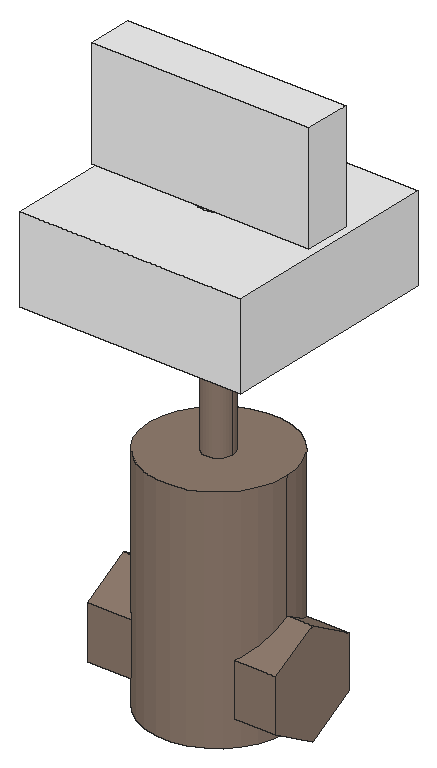
Revit family "Deca_Acabamento para Registro de Gaveta Dream_4900.C87.PQ", category Plumbing Fixtures, host Face, Revit 2012
Parameters (values of type "Base Fácil PVC 25mm (4509.202.PVC)")
  Vendido Separadamente = ""
  Variações de COR = "Cromado 1/2, 3/4 e 1 (4900.C87.PQ); Preto Fosco 1/2, 3/4 e 1 (4900.F87.PQ.PTO)"  # constant formula
  URL = "www.deca.com.br/produtos"
  Symbol [instance] = no
  Segmento = "Luxo"  # constant formula
  Raio Ponto de Agua = 12.5 mm
  Produto = "Acabamento para registro de gaveta"  # constant formula
  Pressão = "2 A 40 mca"  # constant formula
  Peso Liquido (Kg) = 0.47
  Norma = "ABNT NBR 10283: 2008"  # constant formula
  Model = Código  # "4900.C87.PQ"
  Material = "Deca_Latão Cromado e Plástico de Engenharia"  # constant formula
  Manufacturer = "Deca"  # constant formula
  Louça/Metais = "Metal"  # constant formula
  Linha = "Dream"  # constant formula
  Informações Complementares = ""
  Flow Pressure = 0.00 psi
  Diâmetro Ponto de Agua = Raio Ponto de Agua * 2  # 25 mm
  Description = "Acabamento para registro"  # constant formula
  Default Elevation = 0 mm
  Código = "4900.C87.PQ"
  Criado por = "Contino/quattroD"  # constant formula
  Consumo = "Varia com a pressão"  # constant formula
  CWFU = 0
  Base de Registro de Gaveta - Family = Deca_Shared_Base de Registro de Gaveta_4900.C87.PQ : 4509.302 - DN 25 (1")
  Base de Registro de Gaveta [instance] = yes
  Atendimento ao Cliente = "0800-0117073"  # constant formula
  Assembly Code = "D2020"
  Aprovado por = "Contino/quattroD"  # constant formula
  Acompanha o Produto = ""
  Acabamento de Registro [instance] = yes
  Acabamento = Deca CR10 Cromado Metal
Types (14, lengths in mm): name | Raio Ponto de Agua | Model | Diâmetro Ponto de Agua | Código | Base de Registro de Gaveta - Family | Acabamento
  (no name) | 12.5 | "4900.C87.PQ" | 25 | "4900.C87.PQ" | Deca_Shared_Base de Registro de Gaveta_4900.C87.PQ : 4509.302 - DN 25 (1") | Deca CR10 Cromado Metal
  4900.C87.PQ_Cromado CR10_1" | 12.5 | "4900.C87.PQ" | 25 | "4900.C87.PQ" | Deca_Shared_Base de Registro de Gaveta_4900.C87.PQ : 4509.302 - DN 25 (1") | Deca CR10 Cromado Metal
  4900.F87.PQ.PTO_Preto Fosco PR15_1" | 12.5 | "4900.F87.PQ.PTO" | 25 | "4900.F87.PQ.PTO" | Deca_Shared_Base de Registro de Gaveta_4900.C87.PQ : 4509.302 - DN 25 (1") | Deca PR15 Preto Fosco Metal
  4900.C87.PQ_Cromado CR10_1/2" | 7.5 | "4900.C87.PQ" | 15 | "4900.C87.PQ" | Deca_Shared_Base de Registro de Gaveta_4900.C87.PQ : 4509.102 - DN 15 (1/2") | Deca CR10 Cromado Metal
  4900.C87.PQ_Cromado CR10_3/4" | 10 | "4900.C87.PQ" | 20 | "4900.C87.PQ" | Deca_Shared_Base de Registro de Gaveta_4900.C87.PQ : 4509.202 - DN 20 (3/4") | Deca CR10 Cromado Metal
  4900.F87.PQ.PTO_Preto Fosco PR15_1/2" | 7.5 | "4900.F87.PQ.PTO" | 15 | "4900.F87.PQ.PTO" | Deca_Shared_Base de Registro de Gaveta_4900.C87.PQ : 4509.102 - DN 15 (1/2") | Deca PR15 Preto Fosco Metal
  4900.F87.PQ.PTO_Preto Fosco PR15_3/4" | 10 | "4900.F87.PQ.PTO" | 20 | "4900.F87.PQ.PTO" | Deca_Shared_Base de Registro de Gaveta_4900.C87.PQ : 4509.202 - DN 20 (3/4") | Deca PR15 Preto Fosco Metal
  Base Fácil PVC 20mm (4509.102.PVC) | 10 | "4900.C87.PQ" | 20 | "4900.C87.PQ" | Deca_Shared_Base de Registro de Gaveta_4900.C87.PQ : 4509.302 - DN 25 (1") | Deca CR10 Cromado Metal
  Base Fácil PVC 25mm (4509.202.PVC) | 12.5 | "4900.C87.PQ" | 25 | "4900.C87.PQ" | Deca_Shared_Base de Registro de Gaveta_4900.C87.PQ : 4509.302 - DN 25 (1") | Deca CR10 Cromado Metal
  Base Fácil PPR 20mm (4509.102.PPR) | 10 | "4900.C87.PQ" | 20 | "4900.C87.PQ" | Deca_Shared_Base de Registro de Gaveta_4900.C87.PQ : 4509.302 - DN 25 (1") | Deca CR10 Cromado Metal
  Base Fácil PPR 25mm (4509.202.PPR) | 12.5 | "4900.C87.PQ" | 25 | "4900.C87.PQ" | Deca_Shared_Base de Registro de Gaveta_4900.C87.PQ : 4509.302 - DN 25 (1") | Deca CR10 Cromado Metal
  Base Fácil CPVC 15mm (4509.102.CPVC) | 7.5 | "4900.C87.PQ" | 15 | "4900.C87.PQ" | Deca_Shared_Base de Registro de Gaveta_4900.C87.PQ : 4509.302 - DN 25 (1") | Deca CR10 Cromado Metal
  Base Fácil CPVC 22mm (4509.202.CPVC) | 11 | "4900.C87.PQ" | 22 | "4900.C87.PQ" | Deca_Shared_Base de Registro de Gaveta_4900.C87.PQ : 4509.302 - DN 25 (1") | Deca CR10 Cromado Metal
  Base Fácil CPVC 28mm (4509.302.CPVC) | 14 | "4900.C87.PQ" | 28 | "4900.C87.PQ" | Deca_Shared_Base de Registro de Gaveta_4900.C87.PQ : 4509.302 - DN 25 (1") | Deca CR10 Cromado Metal
Reference planes
  plane 1 "Center (Front/Back)": y = 0
  plane 2: z = 0
  plane 3 "Center (Left/Right)": x = 0
  plane 4 "Back 1": y = 30.41
  plane 5 "Front 1": y = -30.418
  plane 6 "Left 1": x = -30.408
  plane 7 "Right 1": x = 30.667
  plane 8 "Top 1": z = 54.898
Forms (mm)
  Extrusion 1, solid, material "Deca CR10 Cromado Metal" <- "Acabamento", visible <- "Acabamento de Registro"
    sketch origin (0, 0, 0) x (1, 0, 0) y (0, 1, 0)
      loop
        line (-30.408, 30.41) -> (-30.408, -30.418) -> (30.667, -30.418) -> (30.667, 30.41) -> (-30.408, 30.41)
    from 0 to 23.5
  Extrusion 2, solid, material "Deca CR10 Cromado Metal" <- "Acabamento", visible <- "Acabamento de Registro"
    sketch origin (0, 0, 0) x (1, 0, 0) y (0, 1, 0)
      loop
        line (-30, 6.35) -> (-30, -6.35) -> (30, -6.35) -> (30, 6.35) -> (-30, 6.35)
    from 24.9 to 54.898
  Extrusion 3, solid, material "Deca CR10 Cromado Metal" <- "Acabamento", visible <- "Acabamento de Registro"
    sketch origin (0, 0, 0) x (1, 0, 0) y (0, 1, 0)
      loop
        circle (0, 0) r 5
    from 23.5 to 24.9
Lines and regions (mm)
  Masking region 1, visible <- "Acabamento de Registro"
    outline origin (0, 0, 0) x (1, 0, 0) y (0, 1, 0)
      loop
        line (-30.408, 30.41) -> (-30.408, -30.418) -> (30.667, -30.418) -> (30.667, 30.41) -> (-30.408, 30.41)
  Masking region 2, visible <- "Acabamento de Registro"
    outline origin (0, 0, 0) x (1, 0, 0) y (0, 0, 1)
      loop
        line (-30, 54.898) -> (-30, 24.9) -> (-5.266, 24.9) -> (-5.266, 23.5) -> (-30.408, 23.5) -> (-30.408, 0) -> (30.667, 0) -> (30.667, 23.5) -> (5.266, 23.5) -> (5.266, 24.9) -> (30.259, 24.9) -> (30.259, 54.898) -> (-30, 54.898)
  Masking region 3, visible <- "Acabamento de Registro"
    outline origin (0, 0, 0) x (0, 1, 0) y (0, 0, 1)
      loop
        line (-6.358, 54.898) -> (-6.358, 24.9) -> (-5.275, 24.9) -> (-5.275, 23.5) -> (-30.418, 23.5) -> (-30.418, 0) -> (30.41, 0) -> (30.41, 23.5) -> (5.258, 23.5) -> (5.258, 24.9) -> (6.342, 24.9) -> (6.342, 54.898) -> (-6.358, 54.898)
  symbolic lines, visible <- "Acabamento de Registro"
    curve 1: line (-5.266, 0, 24.9) -> (5.266, 0, 24.9)
    curve 2: line (5.266, 0, 23.5) -> (-5.266, 0, 23.5)
    curve 3: line (-30.312, 6.35, 0) -> (30.667, 6.35, 0)
    curve 4: line (-30.312, -6.35, 0) -> (30.667, -6.35, 0)
    curve 5: line (0, 5.258, 24.9) -> (0, -5.275, 24.9)
    curve 6: line (0, 5.258, 23.5) -> (0, -5.275, 23.5)
Dimensions and locks
  plane 6 "Left 1" to plane 7 "Right 1" = 61.075 mm
  plane 4 "Back 1" to plane 5 "Front 1" = 60.829 mm
  plane 7 "Right 1" to plane 6 "Left 1" = 61.075 mm
  plane 8 "Top 1" to host face = 54.898 mm  (x2)
  plane 5 "Front 1" to plane 4 "Back 1" = 60.829 mm
  aligned and locked: host face to plane 2
  aligned and locked: level to host face
Nested families
  nested 1: "Deca_Shared_Base de Registro de Gaveta_4900.C87.PQ" at (-0.3, 0, -86.875), type <- "Base de Registro de Gaveta - Family", Symbol <- "Symbol", visible <- "Base de Registro de Gaveta", type "4509.302 - DN 25 (1")"
    with built-in parameter 1114242 1, Symbol no
Connectors
  piping at (26, 0, -86.875), driven by "Raio Ponto de Agua", driven by "Flow Pressure"
    settings: on nested 1, index 1, connector radius 0.49213", flow factor 0, pipe flow 0 GPM, pressure drop 0.00 psi, fitting loss kfactor 0, connector angle 0.00°, fixture units 0, engagement length 0 mm, flow configuration 3, flow direction 0, fitting loss method 4, system type 29, joint type 0, gender type 0, connector reference index -1, connector utility 0, adjustable connector no, is connector primary yes, fitting loss table "", connector description ""
  piping at (-26, 0, -86.875), driven by "Raio Ponto de Agua", driven by "Flow Pressure"
    settings: on nested 1, index 2, connector radius 0.49213", flow factor 0, pipe flow 0 GPM, pressure drop 0.00 psi, fitting loss kfactor 0, connector angle 0.00°, fixture units 0, engagement length 0 mm, flow configuration 3, flow direction 0, fitting loss method 4, system type 29, joint type 0, gender type 0, connector reference index -1, connector utility 0, adjustable connector no, is connector primary no, fitting loss table "", connector description ""
Definition of nested family "Deca_Shared_Base de Registro de Gaveta_4900.C87.PQ"
  Parameters (values of type "4509.102 - DN 15 (1/2")")
    Vendido Separadamente = "Não Aplicável"  # constant formula
    Variações de COR = "1/2'' a 1''1/4"  # constant formula
    built-in parameter 1114242 [instance] = 1
    Topo = Deca BR13 Bronze Bruto Metal
    Segmento = "Básicos"  # constant formula
    Symbol [instance] = yes
    Raio Ponto de Agua = 6.35 mm
    Radius Side = DN / 2  # 7.5 mm
    Produto = "Base de registro de gaveta 1/2\""
    Peso Liquido (Kg) = 0.294
    Norma = "NBR 15705"  # constant formula
    Mín = 32 mm
    Max = 42 mm
    Material = "Bronze Fundido e Plásticos de Engenharia"  # constant formula
    Louça/Metais = "Metais"  # constant formula
    Linha = "-"  # constant formula
    K Coefficient = 0
    Informações Complementares = "Alta durabilidade e resistência; Passagem plena."  # constant formula
    Flow Pressure = 0.00 psi
    Fabricante = "Deca"  # constant formula
    Diâmetro Ponto de Agua = Raio Ponto de Agua * 2  # 12.7 mm
    Descrição = "Base de registro de gaveta"  # constant formula
    DN = 15 mm
    Código = "4509.102"
    Criador por = "Contino/quattroD"  # constant formula
    Corpo = Deca BR13 Bronze Bruto Metal
    URL = "www.deca.com.br"
    Model = Código  # "4509.102"
    Manufacturer = Fabricante  # "Deca"
    Description = Descrição  # "Base de registro de gaveta"
    B = 96 mm
    Atendimento ao Cliente = "0800-0117073"  # constant formula
    Assembly Code = ""
    Aprovado por = "Contino/quattroD"  # constant formula
    Acompanha o Produto = "Não Aplicável"  # constant formula
    A = 40 mm
  Types (5, lengths in mm): name | Raio Ponto de Agua | Radius Side | Produto | Peso Liquido (Kg) | Mín | Max | Diâmetro Ponto de Agua | DN | Código | Model | B | A
    4509.102 - DN 15 (1/2") | 6.35 | 7.5 | "Base de registro de gaveta 1/2\"" | 0.294 | 32 | 42 | 12.7 | 15 | "4509.102" | "4509.102" | 96 | 40
    4509.202 - DN 20 (3/4") | 9.525 | 10 | "Base de registro de gaveta 3/4\"" | 0.408 | 36 | 46 | 19.05 | 20 | "4509.202" | "4509.202" | 100 | 52
    4509.302 - DN 25 (1") | 12.25 | 12.5 | "Base de registro de gaveta 1\"" | 0.53 | 49 | 59 | 24.5 | 25 | "4509.302" | "4509.302" | 114 | 52
    4509.502 - DN 40 (1 1/2") | 19.1 | 20 | "Base de registro de gaveta 1.1/2\"" | 0.833 | 62 | 52 | 38.2 | 40 | "4509.502" | "4509.502" | 139 | 60
    4509.402 - DN 32 (1 1/4") | 15.9 | 16 | "Base de registro de gaveta 1.1/4\"" | 0.834 | 48 | 58 | 31.8 | 32 | "4509.402" | "4509.402" | 135 | 60
  Reference planes
    plane 1 "Center (Front/Back)": y = 0
    plane 2: z = 0
    plane 3 "Center (Left/Right)": x = 0.3
    plane 4 "Left 2": x = -19.7
    plane 5: through (11.528, 0, 0) normal (0, 0.5, -0.866)
    plane 6: through (11.528, 30.068, 26.02) normal (0, -0.5, 0.866)
    plane 7: through (11.528, 0, 0) normal (0, 0.5, 0.866)
    plane 8: through (11.528, 13.865, 0.655) normal (0, 0.5, 0.866)
    plane 9: through (11.528, 0, 0) normal (0, -0.5, -0.866)
    plane 10: through (11.528, 30.068, -26.02) normal (0, 0.5, 0.866)
    plane 11: through (11.528, 0, 0) normal (0, -0.5, 0.866)
    plane 12: through (11.528, 13.865, -0.655) normal (0, -0.5, 0.866)
    plane 13 "Right 2": x = 20.3
    plane 14 "Top 1": z = 32
    plane 15 "Right 1": x = 13.3
    plane 16 "Left 1": x = -12.7
    plane 17 "Top 2": z = 96
  Forms (mm)
    Extrusion 1, solid, material "Deca BR13 Bronze Bruto Metal" <- "Corpo"
      sketch origin (0, 134.427, 73.647) x (0, 1, 0) y (0, 0, 1)
        loop
          line (-126.927, -69.317) -> (-134.427, -64.987) -> (-141.927, -69.317) -> (-141.927, -77.977) -> (-134.427, -82.307) -> (-126.927, -77.977) -> (-126.927, -69.317)
      from -19.7 to 20.3
    Extrusion 2, solid, material "Deca BR13 Bronze Bruto Metal" <- "Corpo"
      sketch origin (0, 0, 0) x (1, 0, 0) y (0, 1, 0)
        loop
          circle (0.3, 0) r 13
      from -8.66 to 32
    Extrusion 3, solid, material "Deca BR13 Bronze Bruto Metal" <- "Topo"
      sketch origin (0, 0, 0) x (1, 0, 0) y (0, 1, 0)
        loop
          circle (0.3, 0) r 4
      from 32 to 96
  Dimensions and locks
    "Radius Side": plane 6 to plane 5
    "Radius Side": plane 8 to plane 7
    "Radius Side": plane 10 to plane 9
    "Radius Side": plane 12 to plane 11
    "A": plane 4 "Left 2" to plane 13 "Right 2"
    equal spacing: plane 13 "Right 2", plane 3 "Center (Left/Right)", plane 4 "Left 2"
    "Mín": plane 14 "Top 1" to level
    locked: plane 13 "Right 2" to plane 15 "Right 1" at 7
    equal spacing: plane 16 "Left 1", plane 3 "Center (Left/Right)", plane 15 "Right 1"
    plane 4 "Left 2" to plane 13 "Right 2" = 40 mm
    "B": plane 17 "Top 2" to level
    aligned and locked: plane 4 "Left 2" to Extrusion 1
    aligned and locked: plane 13 "Right 2" to Extrusion 1
    aligned and locked: Extrusion 1 to Extrusion 2
    aligned and locked: plane 15 "Right 1" to Extrusion 2 sketch curve
    aligned and locked: plane 14 "Top 1" to Extrusion 2
    aligned and locked: Extrusion 3 to plane 14 "Top 1"
    aligned and locked: plane 17 "Top 2" to Extrusion 3
  Automatic sketch dimensions
    Extrusion 1 sketch curve to plane 5 = 0 mm
    plane 10 to Extrusion 1 sketch curve = 0 mm  (x2)
    Extrusion 1 sketch curve to plane 1 "Center (Front/Back)" = 0 mm  (x2)
    plane 7 to Extrusion 1 sketch curve = 0 mm
    plane 12 to Extrusion 1 sketch curve = 0 mm
    plane 5 to Extrusion 1 sketch curve = 0 mm
    Extrusion 1 sketch curve to plane 6 = 0 mm  (x2)
    plane 1 "Center (Front/Back)" to Extrusion 2 sketch curve = 0 mm
    Extrusion 2 sketch curve to plane 3 "Center (Left/Right)" = 0 mm
    plane 1 "Center (Front/Back)" to Extrusion 3 sketch curve = 0 mm
    Extrusion 3 sketch curve to plane 3 "Center (Left/Right)" = 0 mm
    radius of Extrusion 3 sketch curve = 4 mm
  Nested families
    nested 1: "Symbol" at (0.3, 0, 0), visible <- "Symbol", type "Symbol"
  Connectors
    piping at (20.3, 0, 0), driven by "Raio Ponto de Agua", driven by "Flow Pressure"
      settings: on Extrusion 1, index 3, connector radius 1/4", flow factor 0, pipe flow 0 GPM, pressure drop 0.00 psi, fitting loss kfactor 0, connector angle 0.00°, fixture units 0, engagement length 0 mm, flow configuration 0, flow direction 0, fitting loss method 4, system type 29, joint type 0, gender type 0, connector reference index -1, connector utility 0, adjustable connector no, is connector primary yes, fitting loss table "", connector description ""
    piping at (-19.7, 0, 0), driven by "Raio Ponto de Agua"
      settings: on Extrusion 1, index 4, connector radius 1/4", flow factor 0, pipe flow 0 GPM, pressure drop 0.00 psi, fitting loss kfactor 0, connector angle 0.00°, fixture units 0, engagement length 0 mm, flow configuration 0, flow direction 0, fitting loss method 4, system type 29, joint type 0, gender type 0, connector reference index -1, connector utility 0, adjustable connector no, is connector primary no, fitting loss table "", connector description ""
  Definition of nested family "Symbol"
    Reference planes
      plane 1: y = 0
      plane 2: x = 0
    Lines and regions (mm)
      detail lines, style "Centerline"
        curve 1: line (0, 1.651, 0) -> (0, -3.349, 0)
        curve 2: line (0, -3.349, 0) -> (-2.5, -3.349, 0)
        curve 3: circle (0, 0, 0) r 1.651 normal (0, 0, 1)
      detail lines
        curve 4: line (2.5, 1.651, 0) -> (2.5, -1.651, 0)
        curve 5: line (-2.5, 1.651, 0) -> (-2.5, -1.651, 0)
